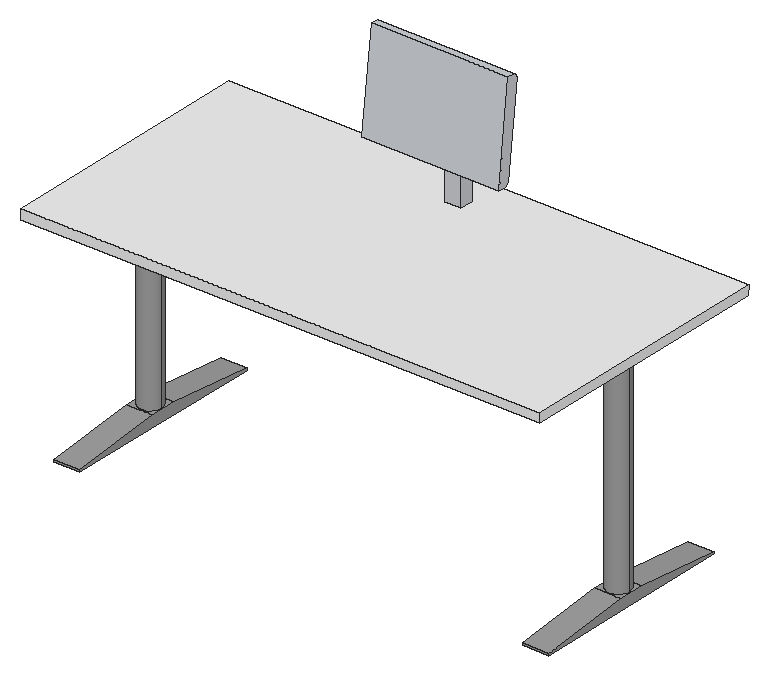
Revit family "Office Desk", category Furniture, Revit 2015
Parameters (values of type "Office Desk")
  Screen [instance] = yes
  Material Plate [instance] = White
  Material Base [instance] = Stainless Steel
  Height [instance] = 720 mm
  Divider [instance] = no
  Depth [instance] = 800 mm
  Width [instance] = 1600 mm
  Assembly Code = ""
Reference planes
  plane 1 "Center (Front/Back)": y = 0
  plane 2: z = 0
  plane 3 "Center (Left/Right)": x = -190
  plane 4 "Tableheight": z = 720
  plane 5 "Left": x = -990
  plane 6: x = 610
  plane 7: y = 400
  plane 8: y = -400
  plane 9: x = -910
  plane 10: x = 530
Forms (mm)
  Extrusion 1, solid, material "White" <- "Material Plate"
    sketch origin (48.853, -30.184, 720) x (-1, 0, 0) y (0, -1, 0)
      loop
        line (1038.853, 369.816) -> (-561.147, 369.816) -> (-561.147, -430.184) -> (1038.853, -430.184) -> (1038.853, 369.816)
    from 0 to -30
  Extrusion 2, solid, material "Stainless Steel" <- "Material Base"
    sketch origin (-1000, 1.534, 0) x (0, 1, 0) y (0, 0, 1)
      loop
        line (40, 35) -> (-40, 35) -> (-321.534, 5.732) -> (-321.534, 0) -> (0, 0) -> (318.466, 0) -> (318.466, 5.732) -> (40, 35)
    from 50 to 130
  Extrusion 3, solid, material "Stainless Steel" <- "Material Base"
    sketch origin (-300, 0, 0) x (1, 0, 0) y (0, 1, 0)
      loop
        circle (-610, 0) r 35
    from 35 to 690
  Extrusion 4, solid, material "Stainless Steel" <- "Material Base"
    sketch origin (520, 0, 0) x (0, -1, 0) y (0, 0, 1)
      loop
        line (-40, 35) -> (-318.466, 5.732) -> (-318.466, 0) -> (0, 0) -> (318.466, 0) -> (318.466, 5.732) -> (40, 35) -> (-40, 35)
    from -50 to 30
  Extrusion 5, solid, material "Stainless Steel" <- "Material Base"
    sketch origin (-180, 0, 0) x (-1, 0, 0) y (0, -1, 0)
      loop
        circle (-710, 0) r 35
    from 35 to 690
  Extrusion 6, solid, material "White" <- "Material Plate", visible <- "Divider"
    sketch origin (48.853, -30.184, 720) x (-1, 0, 0) y (0, -1, 0)
      loop
        line (1038.853, -430.184) -> (1038.853, -405.184) -> (-561.147, -405.184) -> (-561.147, -430.184) -> (1038.853, -430.184)
    from 0 to 400
Dimensions and locks
  "Width": plane 5 "Left" to plane 6
  equal spacing: plane 5 "Left", plane 3 "Center (Left/Right)", plane 6
  "Depth": plane 7 to plane 8
  equal spacing: Extrusion 2, plane 9, Extrusion 2, locked at 40 each
  locked: plane 5 "Left" to plane 9 at 80
  equal spacing: Extrusion 4, plane 10, Extrusion 4, locked at 40 each
  locked: plane 10 to plane 6 at 80
  equal spacing: Extrusion 2, plane 1 "Center (Front/Back)", Extrusion 2
  equal spacing: plane 7, plane 1 "Center (Front/Back)", plane 8
  locked: plane 7 to nested 1 at 180
  "Height": plane 4 "Tableheight" to level
  aligned: plane 5 "Left" to Extrusion 1
  aligned and locked: plane 6 to Extrusion 1
  aligned: Extrusion 1 to plane 5 "Left"
  aligned and locked: Extrusion 1 to plane 6
  aligned and locked: plane 7 to Extrusion 1
  aligned and locked: Extrusion 1 to plane 8
  aligned and locked: Extrusion 1 to plane 5 "Left"
  aligned and locked: plane 3 "Center (Left/Right)" to nested 1
  aligned and locked: Extrusion 5 to Extrusion 1
  aligned and locked: Extrusion 3 to Extrusion 1
  aligned and locked: Extrusion 1 to nested 1
  aligned and locked: Extrusion 6 sketch curve to plane 6
Automatic sketch dimensions
  Extrusion 2 sketch curve to Extrusion 2 sketch curve = 281.534 mm
  Extrusion 2 sketch curve to Extrusion 2 sketch curve = 40 mm  (x2)
  Extrusion 2 sketch curve to Extrusion 2 sketch curve = 278.466 mm
  Extrusion 2 sketch curve to Extrusion 2 sketch curve = 5.732 mm  (x2)
  Extrusion 2 sketch curve to Extrusion 2 sketch curve = 35 mm
  Extrusion 4 sketch curve to Extrusion 4 sketch curve = 278.466 mm  (x2)
  Extrusion 4 sketch curve to Extrusion 4 sketch curve = 40 mm  (x2)
  Extrusion 4 sketch curve to Extrusion 4 sketch curve = 5.732 mm  (x2)
  Extrusion 4 sketch curve to Extrusion 4 sketch curve = 35 mm
  Extrusion 1 sketch curve to plane 6 = 0 mm
  plane 5 "Left" to Extrusion 1 sketch curve = 0 mm
  plane 7 to Extrusion 1 sketch curve = 0 mm
  Extrusion 1 sketch curve to plane 8 = 0 mm
  Extrusion 2 sketch curve to level = 0 mm
  Extrusion 2 sketch curve to plane 1 "Center (Front/Back)" = 1.534 mm
  plane 1 "Center (Front/Back)" to Extrusion 3 sketch curve = 0 mm
  Extrusion 3 sketch curve to plane 9 = 0 mm
  Extrusion 4 sketch curve to level = 0 mm
  Extrusion 4 sketch curve to plane 1 "Center (Front/Back)" = 0 mm
  plane 1 "Center (Front/Back)" to Extrusion 5 sketch curve = 0 mm
  Extrusion 5 sketch curve to plane 10 = 0 mm
  Extrusion 6 sketch curve to plane 5 "Left" = 0 mm
  Extrusion 6 sketch curve to plane 7 = 0 mm
  Extrusion 6 sketch curve to Extrusion 6 sketch curve = 25 mm
  radius of Extrusion 3 sketch curve = 35 mm
  radius of Extrusion 5 sketch curve = 35 mm
Nested families
  nested 1: "Computerscreen" at (-190, 220, 0), visible <- "Screen", type "Computerscreen"
    with table height 720 mm
Definition of nested family "Computerscreen"
  Parameters
    table height [instance] = 720 mm
    material = none
  Reference planes
    plane 1 "Center (Front/Back)": y = 0
    plane 2: z = 0
    plane 3 "Center (Left/Right)": x = 0
    plane 4 "Table height": z = 720
  Forms (mm)
    Extrusion 1, solid
      sketch origin (-25, 0, 0) x (0, 1, 0) y (0, 0, 1)
        loop
          line (0, 1027.5) -> (0, 975.179) -> (12.755, 975.179)
          arc (12.755, 975.179) -> (17.084, 974.704) -> (21.208, 973.305) r 20
          line (21.208, 973.305) -> (32.831, 967.885)
          arc (32.831, 967.885) -> (41.246, 960.505) -> (44.378, 949.759) r 20
          line (44.378, 949.759) -> (44.378, 720) -> (84.378, 720) -> (84.378, 989.401)
          arc (84.378, 989.401) -> (81.246, 1000.147) -> (72.831, 1007.528) r 20
          line (72.831, 1007.528) -> (34.018, 1025.626)
          arc (34.018, 1025.626) -> (29.895, 1027.026) -> (25.566, 1027.5) r 20
          line (25.566, 1027.5) -> (0, 1027.5)
      from 0 to 50
    Extrusion 2, solid
      sketch origin (-210, -128.635, -30.513) x (0, 0.992546, -0.121869) y (0, 0.121869, 0.992546)
        loop
          line (-25, 1205.68) -> (-25, 904.467) -> (0, 904.467) -> (10.607, 915.074) -> (10.607, 1195.074) -> (0, 1205.68) -> (-25, 1205.68)
      from 0 to 420
  Dimensions and locks
    "table height": plane 4 "Table height" to level
    aligned: plane 4 "Table height" to Extrusion 1 sketch curve
  Automatic sketch dimensions
    plane 1 "Center (Front/Back)" to Extrusion 2 sketch curve = 43.222 mm
    plane 4 "Table height" to Extrusion 2 sketch curve = 150.259 mm
    Extrusion 2 sketch curve to Extrusion 2 sketch curve = 25 mm  (x2)
    Extrusion 2 sketch curve to Extrusion 2 sketch curve = 10.607 mm  (x3)
    Extrusion 2 sketch curve to Extrusion 2 sketch curve = 280 mm
    Extrusion 1 sketch curve to plane 1 "Center (Front/Back)" = 0 mm
    Extrusion 1 sketch curve to plane 4 "Table height" = 0 mm
    Extrusion 1 sketch curve to Extrusion 1 sketch curve = 12.755 mm
    Extrusion 1 sketch curve to Extrusion 1 sketch curve = 8.452 mm  (x3)
    Extrusion 1 sketch curve to Extrusion 1 sketch curve = 11.623 mm  (x2)
    Extrusion 1 sketch curve to Extrusion 1 sketch curve = 25.566 mm
    Extrusion 1 sketch curve to plane 1 "Center (Front/Back)" = 44.378 mm
    Extrusion 1 sketch curve to Extrusion 1 sketch curve = 31.548 mm
    Extrusion 1 sketch curve to Extrusion 1 sketch curve = 40 mm
    plane 4 "Table height" to Extrusion 1 sketch curve = 229.759 mm
    Extrusion 1 sketch curve to Extrusion 1 sketch curve = 5.42 mm  (x2)
    Extrusion 1 sketch curve to Extrusion 1 sketch curve = 21.517 mm
    Extrusion 1 sketch curve to Extrusion 1 sketch curve = 34.195 mm
    Extrusion 1 sketch curve to Extrusion 1 sketch curve = 18.126 mm
